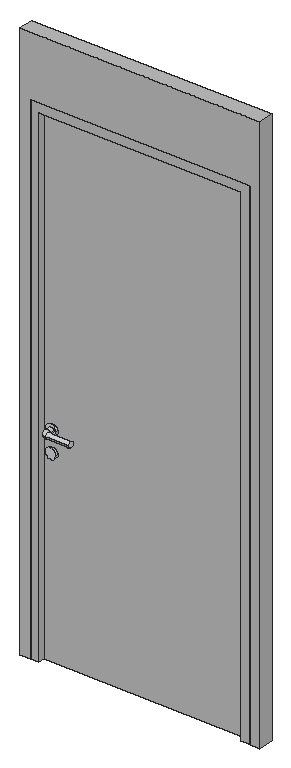
Revit family "BRU_Дверь_Однопольная_Стальная_Кв", category Двери, Revit 2021
Family settings
  Основа = Стена
  Номер OmniClass = 23.30.10.00
  Заголовок OmniClass = Doors
  Всегда вертикально = Да
  При загрузке вырезать с полостями = Нет
  Общий = Нет
  Точка принадлежности помещению = Нет
Parameters (values of type "ДСВ-О-Н 1050х2400(h) Л")
  Четверть сверху.Размер [instance] = 30 mm
  Четверть (есть/нет) [instance] = no
  Четверть сверху [instance] = if([Четверть (есть/нет)], Четверть сверху.Размер, 0 mm)  # 0 mm
  Четверть сбоку [instance] = if([Четверть (есть/нет)], Четверти сбоку.Размер, 0 mm)  # 0 mm
  Четверти сбоку.Размер [instance] = 30 mm
  Угол в плане 30 [instance] = yes
  Тип полотна двери = Полотно : Глухое
  Ручка двери = none
  Рама двери.Ширина справа = 80 mm
  Рама двери.Ширина слева = 80 mm
  Рама двери.Ширина внизу = 80 mm
  Рама двери.Ширина вверху = 80 mm
  Полотно двери. Высота = Height - Коробка.Ширина  # 2370 mm
  Площадь [instance] = Rough Width * Rough Height  # 3.24875 m²
  Откосы.Ширина [instance] = 530 mm
  Define Thermal Properties by = 1
  Fire Rating = ""
  О_Обозначение = ""
  О_Наименование = ""
  Монтажный зазор снизу.Толщина [instance] = 130 mm
  Монтажный зазор сверху.Толщина = 295 mm
  Коробка.Ширина = 30 mm
  Коробка.Толщина = 70 mm
  Правая = no
  Полотно.Толщина = 40 mm
  Полотно двери = none
  Остекление двери = none
  Наличник.Ширина [instance] = 60 mm
  Наличник.Толщина [instance] = 10 mm
  Наличник снаружи (есть/нет) [instance] = no
  Наличник внутри (есть/нет) [instance] = no
  Монтажный зазор сбоку.Толщина = 50 mm
  Type Comments = ""
  Глубина выреза проема наружу [instance] = 200 mm
  Глубина выреза проема внутрь [instance] = 200 mm
  Глубина вставки двери [instance] = 0 mm
  Левая = not(Правая)  # yes
  Защитное ограждение (есть/нет) = no
  Огибание наружных слоев [instance] = 0 mm
  Width = 1050 mm
  Rough Width [instance] = Width + Монтажный зазор сбоку.Толщина * 2  # 1150 mm
  Rough Height [instance] = Height + Монтажный зазор сверху.Толщина + Монтажный зазор снизу.Толщина  # 2825 mm
  Группа модели = "Дверь глухая без порога"
  Manufacturer = ""
  Wall Closure = (empty or 0)
  Height = 2400 mm
  Description = ""
  Тип конструкций = "Дверь стальная"
  Аналитическая конструкция = "<Нет>"
  BRU_ДверьТип = "BRU_Дверь_Однопольная_Стальная_КвартирнаяВходная"
  ADSK_Этаж [instance] = ""
  ADSK_Толщина стены [instance] = 0 mm
  ADSK_Примечание [instance] = ""
  ADSK_Предел огнестойкости = "-"
  ADSK_Позиция [instance] = ""
  ADSK_Открывание = if(Правая, "Правая", "Левая")  # "Левая"
  ADSK_Обозначение = "ГОСТ 6629-88"  # constant formula
  ADSK_Наименование краткое = ""
  ADSK_Наименование = "ДСВ-О-Н 1050х2400(h)"
  ADSK_Масса_Текст = ""
  ADSK_Количество [instance] = 0
  ADSK_Код изделия = ""
  ADSK_Зона [instance] = ""
  ADSK_Завод-изготовитель = ""
  ADSK_Единица измерения = ""
  ADSK_Группирование [instance] = ""
  ADSK_URL страницы изделия = ""
  ADSK_URL документации изделия = ""
Types (2, lengths in mm): name | Площадь | Правая | Монтажный зазор сбоку.Толщина | Левая | Rough Width | ADSK_Открывание
  ДСВ-О-Н 1050х2400(h) Л | 3.24875 m² | no | 50 | yes | 1150 | "Левая"
  ДСВ-О-Н 1050х2400(h) Пр | 3.30525 m² | yes | 60 | no | 1170 | "Правая"
Reference planes
  plane 1: y = 0
  plane 2 "По центру (Влево/Вправо)": x = 0
  plane 3 "Слева": x = -575
  plane 4 "Справа": x = 575
  plane 5: z = 2825
  plane 6 "Наружный": y = 300
  plane 7 "Внутренние": y = -300
  plane 8 "Вставка двери": y = 300
  plane 9 "Четверть слева": x = -575
  plane 10 "Четверть справа": x = 575
  plane 11 "Четверть сверху": z = 2825
  plane 12 "Полотно двери": y = 260
  plane 13 "Рама внутри": y = 230
  plane 14 "Монтажный зазор слева": x = -525
  plane 15 "Монтажный зазор справа": x = 525
  plane 16 "Монтажный зазор сверху": z = 2530
  plane 17 "Глубина огибания наружного слоя": y = 300
  plane 18: y = 310
  plane 19: x = 565
  plane 20: y = -310
  plane 21: x = -565
  plane 22: y = 500
  plane 23: y = -500
  plane 24 "2": z = 130
Forms (mm)
  Extrusion 1, void
    sketch origin (0, 0, 0) x (1, 0, 0) y (0, 1, 0)
      loop
        line (575, 300) -> (-575, 300) -> (-575, -500) -> (575, -500) -> (575, 300)
    from 0 to 2825
  Extrusion 2, void
    sketch origin (0, 0, 0) x (1, 0, 0) y (0, 1, 0)
      loop
        line (575, 500) -> (-575, 500) -> (-575, 300) -> (575, 300) -> (575, 500)
    from 0 to 2825
  Sweep 3, solid, material <- "Полотно двери", visible <- "Наличник снаружи (есть/нет)", detail levels fine
    path origin (0, 300, 0) x (1, 0, 0) y (0, 0, 1)
      loop
        line (-575, 130) -> (-575, 2825) -> (575, 2825) -> (575, 130)
    profile origin (-575, 300, 1477.5) x (-1, 0, 0) y (0, -1, 0)
      loop
        line (-10, 0) -> (-10, -5)
        arc (-10, -5) -> (-8.536, -8.536) -> (-5, -10) r 5
        line (-5, -10) -> (45, -10)
        arc (45, -10) -> (48.536, -8.536) -> (50, -5) r 5
        line (50, -5) -> (50, 0) -> (-10, 0)
  Sweep 4, solid, material <- "Полотно двери", visible <- "Наличник внутри (есть/нет)", detail levels fine
    path origin (0, -300, 0) x (1, 0, 0) y (0, 0, 1)
      loop
        line (-575, 130) -> (-575, 2825) -> (575, 2825) -> (575, 130)
    profile origin (-575, -300, 1477.5) x (-1, 0, 0) y (0, -1, 0)
      loop
        line (-50, 0) -> (10, 0) -> (10, 5)
        arc (10, 5) -> (8.536, 8.536) -> (5, 10) r 5
        line (5, 10) -> (-45, 10)
        arc (-45, 10) -> (-48.536, 8.536) -> (-50, 5) r 5
        line (-50, 5) -> (-50, 0)
  Sweep 5, solid, material <- "Полотно двери"
    path origin (0, 300, 0) x (-1, 0, 0) y (0, 0, 1)
      loop
        line (525, 130) -> (525, 2530) -> (-525, 2530) -> (-525, 130)
    profile origin (525, 300, 1330) x (0, 1, 0) y (-1, 0, 0)
      loop
        line (0, 0) -> (0, 30) -> (-40, 30) -> (-40, 40) -> (-70, 40) -> (-70, 0) -> (0, 0)
  Sweep 6, solid, material <- "Полотно двери", visible <- "Наличник снаружи (есть/нет)", detail levels fine
    path origin (0, 300, 0) x (-1, 0, 0) y (0, 0, 1)
      loop
        line (575, 130) -> (575, 2825) -> (-575, 2825) -> (-575, 130)
    profile origin (575, 300, 1477.5) x (0, 1, 0) y (-1, 0, 0)
      loop
        line (5, 0) -> (5, 10) -> (0, 10) -> (0, 0) -> (5, 0)
  Extrusion 7, solid, material <- "Полотно двери"
    sketch origin (-2514.822, 300, 1200) x (-1, 0, 0) y (0, 0, 1)
      loop
        line (-3089.822, 1625) -> (-3089.822, -1070) -> (-3038.822, -1070) -> (-3038.822, 1329) -> (-1990.822, 1329) -> (-1990.822, -1070) -> (-1939.822, -1070) -> (-1939.822, 1625) -> (-3089.822, 1625)
    from 0 to -70
Cuts and joins
  joined: Sweep 3, Sweep 6
Lines and regions (mm)
  Masking region 1, detail levels fine
    outline origin (0, 0, 0) x (0, 1, 0) y (0, 0, 1)
      loop
        line (230, 2490) -> (260, 2490) -> (260, 2500) -> (300, 2500) -> (300, 2530) -> (230, 2530) -> (230, 2490)
  Masking region 2, detail levels fine
    outline origin (0, 0, 0) x (0, 1, 0) y (0, 0, 1)
      loop
        line (300, 130) -> (300, 2500) -> (260, 2500) -> (260, 130) -> (300, 130)
  Masking region 3, detail levels fine
    outline origin (0, 0, 0) x (0, 1, 0) y (0, 0, 1)
      loop
        line (230, 2490) -> (230, 130) -> (260, 130) -> (260, 2490) -> (230, 2490)
  Masking region 4, detail levels coarse+medium
    outline origin (0, 0, 0) x (0, 1, 0) y (0, 0, 1)
      loop
        line (300, 130) -> (300, 2825) -> (230, 2825) -> (230, 130) -> (300, 130)
Text (mm)
  text "Наружный" at (-2295.016, 1099.543, 0), in view "Опорный уровень "
  text "Наружный" at (0, 1615.38, 3698.081), in view "Слева"
  text "Наружный" at (0, 1036.032, 3874.932), in view "Справа"
Dimensions and locks
  equal spacing: plane 14 "Монтажный зазор слева", plane 2 "По центру (Влево/Вправо)", plane 15 "Монтажный зазор справа"
  "Width": plane 14 "Монтажный зазор слева" to plane 15 "Монтажный зазор справа"
  "Height": plane 16 "Монтажный зазор сверху" to plane 24 "2"
  host wall to plane 5 = 2825 mm  (x2)
  locked: plane 6 "Наружный" to host wall
  locked: plane 7 "Внутренние" to host wall
  "Четверть сбоку": plane 3 "Слева" to plane 9 "Четверть слева"
  "Четверть сбоку": plane 10 "Четверть справа" to plane 4 "Справа"
  "Глубина вставки двери": plane 6 "Наружный" to plane 8 "Вставка двери"
  "Наличник.Ширина": Sweep 3 sketch curve to plane 21
  "Коробка.Толщина": plane 8 "Вставка двери" to plane 13 "Рама внутри"
  "Полотно.Толщина": plane 8 "Вставка двери" to plane 12 "Полотно двери"
  "Огибание наружных слоев": plane 6 "Наружный" to plane 17 "Глубина огибания наружного слоя"
  "Наличник.Ширина": Sweep 4 sketch curve to Sweep 4 sketch curve
  locked: Sweep 4 sketch curve to Sweep 4 sketch curve at 5  (x4)
  locked: Sweep 3 sketch curve to Sweep 3 sketch curve at 5
  "Коробка.Ширина": Sweep 5 sketch curve to profile plane
  locked: Sweep 5 sketch curve to Sweep 5 sketch curve at 10
  "Наличник.Толщина": plane 7 "Внутренние" to plane 20
  "Наличник.Толщина": plane 18 to plane 6 "Наружный"
  "Наличник.Толщина": plane 9 "Четверть слева" to plane 21
  "Наличник.Толщина": plane 19 to plane 10 "Четверть справа"
  locked: plane 18 to Sweep 3 sketch curve at 5  (x2)
  locked: Sweep 3 sketch curve to plane 21 at 5
  locked: plane 18 to Sweep 6 sketch curve at 5
  "Откосы.Ширина": plane 7 "Внутренние" to plane 13 "Рама внутри"
  equal spacing: plane 3 "Слева", plane 2 "По центру (Влево/Вправо)", plane 4 "Справа"
  "Rough Width": plane 3 "Слева" to plane 4 "Справа"
  "Глубина выреза проема внутрь": plane 23 to plane 7 "Внутренние"
  "Глубина выреза проема наружу": plane 6 "Наружный" to plane 22
  locked: Extrusion 7 sketch curve to plane 15 "Монтажный зазор справа" at 1
  locked: Extrusion 7 sketch curve to plane 16 "Монтажный зазор сверху" at 1
  locked: plane 14 "Монтажный зазор слева" to Extrusion 7 sketch curve at 1
  "Монтажный зазор снизу.Толщина": level to plane 24 "2"
  "Монтажный зазор сверху.Толщина": plane 5 to plane 16 "Монтажный зазор сверху"
  "Четверть сверху": plane 5 to plane 11 "Четверть сверху"
  aligned and locked: plane 1 to host wall
  aligned and locked: plane 8 "Вставка двери" to Extrusion 1 sketch curve
  aligned and locked: plane 3 "Слева" to Extrusion 1 sketch curve
  aligned and locked: Extrusion 1 sketch curve to plane 4 "Справа"
  aligned and locked: Extrusion 1 to level
  aligned and locked: Extrusion 1 to plane 5
  aligned and locked: Extrusion 2 sketch curve to plane 8 "Вставка двери"
  aligned and locked: plane 10 "Четверть справа" to Extrusion 2 sketch curve
  aligned and locked: Extrusion 2 sketch curve to plane 9 "Четверть слева"
  aligned and locked: Extrusion 2 to level
  aligned and locked: plane 11 "Четверть сверху" to Extrusion 2
  aligned and locked: plane 9 "Четверть слева" to Sweep 3 sketch curve
  aligned and locked: plane 11 "Четверть сверху" to Sweep 3 sketch curve
  aligned and locked: plane 10 "Четверть справа" to Sweep 3 sketch curve
  aligned and locked: Sweep 4 sketch curve to plane 3 "Слева"
  aligned and locked: Sweep 4 sketch curve to plane 5
  aligned and locked: Sweep 4 sketch curve to plane 4 "Справа"
  aligned and locked: Sweep 4 sketch curve to plane 7 "Внутренние"
  aligned and locked: Sweep 5 sketch curve to plane 15 "Монтажный зазор справа"
  aligned and locked: Sweep 5 sketch curve to plane 16 "Монтажный зазор сверху"
  aligned and locked: Sweep 5 sketch curve to plane 14 "Монтажный зазор слева"
  aligned and locked: profile plane to Sweep 5 sketch curve
  aligned and locked: plane 13 "Рама внутри" to Sweep 5 sketch curve
  aligned and locked: plane 8 "Вставка двери" to Sweep 5 sketch curve
  aligned and locked: plane 12 "Полотно двери" to Sweep 5 sketch curve
  aligned and locked: plane 12 "Полотно двери" to nested 1
  aligned and locked: nested 1 to plane 8 "Вставка двери"
  aligned and locked: Sweep 5 to nested 1
  aligned and locked: nested 1 to Sweep 5  (x2)
  aligned and locked: plane 2 "По центру (Влево/Вправо)" to nested 2
  aligned and locked: nested 2 to plane 8 "Вставка двери"
  aligned and locked: plane 12 "Полотно двери" to nested 2
  aligned and locked: plane 13 "Рама внутри" to nested 2
  aligned and locked: plane 2 "По центру (Влево/Вправо)" to nested 3
  aligned and locked: plane 8 "Вставка двери" to nested 3
  aligned and locked: nested 3 to plane 12 "Полотно двери"
  aligned and locked: nested 3 to plane 13 "Рама внутри"
  aligned and locked: Sweep 4 sketch curve to plane 14 "Монтажный зазор слева"
  aligned and locked: profile plane to Sweep 3 sketch curve
  aligned and locked: Sweep 6 sketch curve to plane 11 "Четверть сверху"
  aligned and locked: plane 10 "Четверть справа" to Sweep 6 sketch curve  (x2)
  aligned and locked: plane 9 "Четверть слева" to Sweep 6 sketch curve
  aligned and locked: plane 8 "Вставка двери" to Sweep 6 sketch curve
  aligned and locked: plane 20 to Sweep 4 sketch curve
  aligned and locked: plane 18 to Sweep 3 sketch curve
  aligned and locked: Sweep 6 sketch curve to plane 19
  aligned and locked: Masking region 1 sketch curve to Sweep 5  (x2)
  aligned and locked: plane 12 "Полотно двери" to Masking region 1 sketch curve
  aligned and locked: plane 13 "Рама внутри" to Masking region 1 sketch curve
  aligned and locked: plane 8 "Вставка двери" to Masking region 1 sketch curve
  aligned and locked: plane 16 "Монтажный зазор сверху" to Masking region 1 sketch curve
  aligned and locked: plane 8 "Вставка двери" to Masking region 2 sketch curve
  aligned and locked: plane 12 "Полотно двери" to Masking region 2 sketch curve
  aligned and locked: Masking region 2 sketch curve to Sweep 5
  aligned and locked: Masking region 3 sketch curve to Sweep 5
  aligned and locked: plane 13 "Рама внутри" to Masking region 3 sketch curve
  aligned and locked: plane 12 "Полотно двери" to Masking region 3 sketch curve
  aligned and locked: plane 8 "Вставка двери" to Masking region 4 sketch curve
  aligned and locked: plane 13 "Рама внутри" to Masking region 4 sketch curve
  aligned and locked: plane 5 to Masking region 4 sketch curve
  aligned and locked: Extrusion 7 sketch curve to plane 4 "Справа"
  aligned and locked: Extrusion 7 sketch curve to plane 3 "Слева"
  aligned and locked: Extrusion 7 sketch curve to plane 5
  aligned and locked: Extrusion 7 to plane 13 "Рама внутри"
  aligned and locked: plane 8 "Вставка двери" to Extrusion 7
  aligned and locked: plane 22 to Extrusion 2 sketch curve
  aligned and locked: Extrusion 1 sketch curve to plane 23
  aligned and locked: plane 24 "2" to Sweep 5 sketch curve  (x2)
  aligned and locked: plane 24 "2" to Sweep 3 sketch curve  (x2)
  aligned and locked: plane 24 "2" to Sweep 6 sketch curve  (x2)
  aligned and locked: plane 24 "2" to Sweep 4 sketch curve  (x2)
  aligned and locked: Extrusion 7 sketch curve to plane 24 "2"
  aligned and locked: plane 24 "2" to Extrusion 7 sketch curve
  aligned and locked: Masking region 4 sketch curve to plane 24 "2"
  aligned and locked: Masking region 3 sketch curve to plane 24 "2"
  aligned and locked: Masking region 2 sketch curve to plane 24 "2"
Nested families
  nested 1: "Полотно" at (0, 300, 130), type <- "Тип полотна двери", Полотно двери.Высота <- "Полотно двери. Высота", type "Глухое"
    with Полотно двери.Ширина 990 mm, Полотно двери.Толщина 40 mm, Полотно двери.Высота 2370 mm, Правая no, Левая yes
  nested 2: "Обозначение на плане" at (0, 300, 0), Ширина двери <- "Rough Width", visible <- "Правая", Монтажный зазор <- "Монтажный зазор сбоку.Толщина", Ширина коробки <- "Коробка.Ширина", Толщина полотна двери <- "Полотно.Толщина", Толщина коробки <- "Коробка.Толщина", type "По-умолчанию"
    with Ширина полотна двери 990 mm, Ширина коробки 30 mm, Ширина двери 1150 mm, Толщина полотна двери 40 mm, Толщина коробки 70 mm, Монтажный зазор 50 mm
  nested 3: "Обозначение на плане" at (0, 300, 0) x (-1, 0, 0) z (0, 0, 1), Ширина двери <- "Rough Width", visible <- "Левая", Монтажный зазор <- "Монтажный зазор сбоку.Толщина", Ширина коробки <- "Коробка.Ширина", Толщина полотна двери <- "Полотно.Толщина", Толщина коробки <- "Коробка.Толщина", type "По-умолчанию"
    with Ширина полотна двери 990 mm, Ширина коробки 30 mm, Ширина двери 1150 mm, Толщина полотна двери 40 mm, Толщина коробки 70 mm, Монтажный зазор 50 mm
Definition of nested family "Полотно"
  Parameters (values of type "Глухое")
    Ручка.Отступ от края = 50 mm
    Ручка.Высота расположения = 1000 mm
    Ручка двери = none
    Рама справа.Ширина = 150 mm
    Рама слева.Ширина = 150 mm
    Рама внизу.Ширина = 600 mm
    Рама вверху.Ширина = 150 mm
    Правая = yes
    Полотно остекленное = no
    Полотно двери.Ширина [instance] = 1000 mm
    Полотно двери.Толщина [instance] = 40 mm
    Полотно двери.Высота [instance] = 2100 mm
    Полотно двери = none
    Полотно глухое = yes
    Остекление двери = none
    Левая = not(Правая)  # no
    Защитные ограждения = no
    Analytic Construction = "<Нет>"
  Types (2, lengths in mm): name | Рама справа.Ширина | Рама слева.Ширина | Рама внизу.Ширина | Рама вверху.Ширина | Полотно остекленное | Полотно глухое
    Глухое | 150 | 150 | 600 | 150 | no | yes
    Остекленное | 80 | 80 | 80 | 80 | yes | no
  Reference planes
    plane 1 "Center (Front/Back)": y = 0
    plane 2: z = 0
    plane 3 "Center (Left/Right)": x = 0
    plane 4: x = -500
    plane 5: x = 500
    plane 6 "Back": y = -40
    plane 7: z = 2100
    plane 8 "Высота расположения ручки": z = 1000
    plane 9 "Отступ ручки справа": x = 450
    plane 10 "Отступ ручки слева": x = -450
    plane 11 "Остекление снаружи": y = -8
    plane 12 "Остекление внутри": y = -32
    plane 13 "Ширина рамы справа": x = -350
    plane 14 "Ширина рамы слева": x = 350
    plane 15 "Ширина рамы внизу": z = 600
    plane 16 "Ширина рамы вверху": z = 1950
    plane 17: z = 950
    plane 18: z = 800
    plane 19: z = 650
    plane 20: z = 1050
  Forms (mm)
    Extrusion 1, solid, material <- "Полотно двери", visible <- "Полотно глухое"
      sketch origin (0, 0, 0) x (1, 0, 0) y (0, 0, 1)
        loop
          line (-500, 2100) -> (-500, 0) -> (500, 0) -> (500, 2100) -> (-500, 2100)
      from 0 to 40 <- "Полотно двери.Толщина"
    Extrusion 2, solid, material <- "Полотно двери", visible <- "Полотно остекленное"
      sketch origin (0, 0, 0) x (1, 0, 0) y (0, 0, 1)
        loop
          line (-500, 2100) -> (-500, 0) -> (500, 0) -> (500, 2100) -> (-500, 2100)
        loop
          line (-350, 600) -> (350, 600) -> (350, 1950) -> (-350, 1950) -> (-350, 600)
      from 0 to 40
    Extrusion 3, solid, material <- "Остекление двери", visible <- "Полотно остекленное"
      sketch origin (-646.608, -8, 1200) x (-1, 0, 0) y (0, 0, 1)
        loop
          line (-296.608, 750) -> (-996.608, 750) -> (-996.608, -600) -> (-296.608, -600) -> (-296.608, 750)
      from 0 to -24
    Sweep 4, solid, material <- "Ручка двери", visible <- "Защитные ограждения", detail levels medium+fine
      path origin (-858.179, -1524, 950) x (-1, 0, 0) y (0, -1, 0)
        loop
          arc (-478.179, -1469) -> (-482.572, -1458.393) -> (-493.179, -1454) r 15
          line (-493.179, -1454) -> (-1223.179, -1454)
          arc (-1223.179, -1454) -> (-1233.785, -1458.393) -> (-1238.179, -1469) r 15
          line (-1238.179, -1469) -> (-1238.179, -1539)
          arc (-1238.179, -1539) -> (-1233.785, -1549.607) -> (-1223.179, -1554) r 15
          line (-1223.179, -1554) -> (-493.179, -1554)
          arc (-493.179, -1554) -> (-482.572, -1549.607) -> (-478.179, -1539) r 15
          line (-478.179, -1539) -> (-478.179, -1469)
      profile origin (-380, -20, 950) x (-1, 0, 0) y (0, 0, 1)
        loop
          circle (0, 0) r 10
    Sweep 5, solid, material <- "Ручка двери", visible <- "Защитные ограждения", detail levels medium+fine
      path origin (-858.179, -1524, 800) x (-1, 0, 0) y (0, -1, 0)
        loop
          arc (-478.179, -1469) -> (-482.572, -1458.393) -> (-493.179, -1454) r 15
          line (-493.179, -1454) -> (-1223.179, -1454)
          arc (-1223.179, -1454) -> (-1233.785, -1458.393) -> (-1238.179, -1469) r 15
          line (-1238.179, -1469) -> (-1238.179, -1539)
          arc (-1238.179, -1539) -> (-1233.785, -1549.607) -> (-1223.179, -1554) r 15
          line (-1223.179, -1554) -> (-493.179, -1554)
          arc (-493.179, -1554) -> (-482.572, -1549.607) -> (-478.179, -1539) r 15
          line (-478.179, -1539) -> (-478.179, -1469)
      profile origin (-380, -20, 800) x (-1, 0, 0) y (0, 0, 1)
        loop
          circle (0, 0) r 10
    Sweep 6, solid, material <- "Ручка двери", visible <- "Защитные ограждения", detail levels medium+fine
      path origin (-858.179, -1524, 650) x (-1, 0, 0) y (0, -1, 0)
        loop
          arc (-478.179, -1469) -> (-482.572, -1458.393) -> (-493.179, -1454) r 15
          line (-493.179, -1454) -> (-1223.179, -1454)
          arc (-1223.179, -1454) -> (-1233.785, -1458.393) -> (-1238.179, -1469) r 15
          line (-1238.179, -1469) -> (-1238.179, -1539)
          arc (-1238.179, -1539) -> (-1233.785, -1549.607) -> (-1223.179, -1554) r 15
          line (-1223.179, -1554) -> (-493.179, -1554)
          arc (-493.179, -1554) -> (-482.572, -1549.607) -> (-478.179, -1539) r 15
          line (-478.179, -1539) -> (-478.179, -1469)
      profile origin (-380, -20, 650) x (-1, 0, 0) y (0, 0, 1)
        loop
          circle (0, 0) r 10
  Lines and regions (mm)
    symbolic lines, visible <- "Правая", detail levels medium
      curve 1: line (-500, 0, 0) -> (500, 0, 1050)
      curve 2: line (500, 0, 1050) -> (-500, 0, 2100)
    symbolic lines, visible <- "Левая", detail levels medium
      curve 3: line (500, 0, 0) -> (-500, 0, 1050)
      curve 4: line (-500, 0, 1050) -> (500, 0, 2100)
  Dimensions and locks
    "Полотно двери.Толщина": plane 1 "Center (Front/Back)" to plane 6 "Back"
    equal spacing: plane 4, plane 3 "Center (Left/Right)", plane 5
    "Полотно двери.Ширина": plane 4 to plane 5
    "Полотно двери.Высота": plane 7 to plane 2
    "Ручка.Высота расположения": plane 8 "Высота расположения ручки" to level
    "Ручка.Отступ от края": plane 5 to plane 9 "Отступ ручки справа"
    "Ручка.Отступ от края": plane 10 "Отступ ручки слева" to plane 4
    locked: plane 12 "Остекление внутри" to plane 6 "Back" at 8
    locked: plane 1 "Center (Front/Back)" to plane 11 "Остекление снаружи" at 8
    "Рама вверху.Ширина": plane 7 to plane 16 "Ширина рамы вверху"
    "Рама внизу.Ширина": plane 15 "Ширина рамы внизу" to plane 2
    "Рама справа.Ширина": plane 5 to plane 14 "Ширина рамы слева"
    "Рама слева.Ширина": plane 13 "Ширина рамы справа" to plane 4
    locked: plane 17 to plane 2 at 950
    plane 17 to plane 18 to plane 19 = 150 mm locked, 150 mm locked
    locked: plane 1 "Center (Front/Back)" to Sweep 4 sketch curve at 30
    locked: Sweep 4 sketch curve to profile plane at 0
    locked: profile plane to Sweep 4 sketch curve at 0
    locked: Sweep 4 sketch curve to plane 6 "Back" at 30
    locked: Sweep 5 sketch curve to profile plane at 0
    locked: profile plane to Sweep 5 sketch curve at 0
    locked: Sweep 5 sketch curve to plane 6 "Back" at 30
    locked: plane 1 "Center (Front/Back)" to Sweep 5 sketch curve at 30
    locked: Sweep 6 sketch curve to profile plane at 0
    locked: profile plane to Sweep 6 sketch curve at 0
    locked: Sweep 6 sketch curve to plane 6 "Back" at 30
    locked: plane 1 "Center (Front/Back)" to Sweep 6 sketch curve at 30
    equal spacing: plane 7, plane 20, plane 2
    locked: Sweep 4 sketch curve to plane 13 "Ширина рамы справа" at 30
    locked: plane 14 "Ширина рамы слева" to Sweep 4 sketch curve at 30
    locked: plane 14 "Ширина рамы слева" to Sweep 5 sketch curve at 30
    locked: Sweep 5 sketch curve to plane 13 "Ширина рамы справа" at 30
    locked: Sweep 6 sketch curve to plane 13 "Ширина рамы справа" at 30
    locked: plane 14 "Ширина рамы слева" to Sweep 6 sketch curve at 30
    locked: Sweep 4 sketch curve to Sweep 4 sketch curve at 15  (x8)
    locked: Sweep 5 sketch curve to Sweep 5 sketch curve at 15  (x8)
    locked: Sweep 6 sketch curve to Sweep 6 sketch curve at 15  (x8)
    aligned and locked: level to plane 2
    aligned and locked: Extrusion 1 sketch curve to plane 7
    aligned and locked: plane 4 to Extrusion 1 sketch curve
    aligned and locked: plane 2 to Extrusion 1 sketch curve
    aligned and locked: Extrusion 1 sketch curve to plane 5
    aligned and locked: Extrusion 1 to plane 1 "Center (Front/Back)"
    aligned and locked: Extrusion 1 to plane 6 "Back"
    aligned and locked: nested 1 to plane 10 "Отступ ручки слева"
    aligned and locked: plane 1 "Center (Front/Back)" to nested 1
    aligned and locked: plane 6 "Back" to nested 1
    aligned and locked: plane 8 "Высота расположения ручки" to nested 1
    aligned and locked: nested 2 to plane 1 "Center (Front/Back)"
    aligned and locked: nested 2 to plane 6 "Back"
    aligned and locked: nested 2 to plane 9 "Отступ ручки справа"
    aligned and locked: nested 2 to plane 8 "Высота расположения ручки"
    aligned and locked: Extrusion 2 sketch curve to plane 4
    aligned and locked: Extrusion 2 sketch curve to plane 5
    aligned and locked: Extrusion 2 sketch curve to plane 7
    aligned and locked: Extrusion 2 sketch curve to plane 2
    aligned and locked: Extrusion 2 sketch curve to plane 15 "Ширина рамы внизу"
    aligned and locked: Extrusion 2 sketch curve to plane 13 "Ширина рамы справа"
    aligned and locked: Extrusion 2 sketch curve to plane 14 "Ширина рамы слева"
    aligned and locked: Extrusion 2 sketch curve to plane 16 "Ширина рамы вверху"
    aligned and locked: Extrusion 2 to plane 1 "Center (Front/Back)"
    aligned and locked: Extrusion 2 to plane 6 "Back"
    aligned and locked: plane 13 "Ширина рамы справа" to Extrusion 3 sketch curve
    aligned and locked: plane 14 "Ширина рамы слева" to Extrusion 3 sketch curve
    aligned and locked: plane 16 "Ширина рамы вверху" to Extrusion 3 sketch curve
    aligned and locked: plane 15 "Ширина рамы внизу" to Extrusion 3 sketch curve
    aligned and locked: Extrusion 3 to plane 11 "Остекление снаружи"
    aligned and locked: Extrusion 3 to plane 12 "Остекление внутри"
    aligned and locked: plane 4 to curve 1
    aligned and locked: plane 2 to curve 1
    aligned and locked: plane 5 to curve 2
    aligned and locked: plane 20 to curve 1
    aligned and locked: plane 7 to Extrusion 2
    aligned and locked: plane 4 to Extrusion 2
  Automatic sketch dimensions
    curve 3 to plane 4 = 0 mm
    curve 2 to plane 4 = 0 mm
    curve 3 to level = 0 mm
    curve 3 to plane 5 = 0 mm
    curve 4 to plane 5 = 0 mm
    curve 4 to plane 20 = 0 mm
    curve 4 to plane 7 = 0 mm
    curve 2 to plane 7 = 0 mm
    radius of Sweep 4 sketch curve = 10 mm
    radius of Sweep 5 sketch curve = 10 mm
    radius of Sweep 6 sketch curve = 10 mm
  Nested families
    nested 1: "Дверная ручка" at (-450, 0, 1000), visible <- "Левая", Полотно двери.Толщина <- "Полотно двери.Толщина", type "Дверная ручка", detail levels fine
      with Полотно двери.Толщина 40 mm
    nested 2: "Дверная ручка" at (450, 0, 1000) x (-1, 0, 0) z (0, 0, 1), visible <- "Правая", Полотно двери.Толщина <- "Полотно двери.Толщина", type "Дверная ручка", detail levels fine
      with Полотно двери.Толщина 40 mm
  Definition of nested family "Дверная ручка"
    Parameters (values of type "Дверная ручка")
      Полотно двери.Толщина [instance] = 40 mm
      Дверная ручка = none
      Analytic Construction = "<Нет>"
    Reference planes
      plane 1 "Center (Front/Back)": y = 0
      plane 2: z = 0
      plane 3 "Center (Left/Right)": x = 0
      plane 4: y = -40
      plane 5: z = -100
    Forms (mm)
      Sweep 1, solid, material <- "Дверная ручка", detail levels medium+fine
        path origin (0, 0, 0) x (1, 0, 0) y (0, 1, 0)
          loop
            line (130, 50) -> (20, 50)
            arc (20, 50) -> (5.858, 44.142) -> (0, 30) r 20
            line (0, 30) -> (0, -70)
            arc (0, -70) -> (5.858, -84.142) -> (20, -90) r 20
            line (20, -90) -> (130, -90)
        profile origin (0, -20, 0) x (1, 0, 0) y (0, 0, 1)
          loop
            circle (0, 0) r 12
      Extrusion 2, solid, material <- "Дверная ручка", detail levels medium+fine
        sketch origin (-2000, -40, 1200) x (-1, 0, 0) y (0, 0, 1)
          loop
            circle (-2000, -1200) r 25
        from 48 to -8
      Extrusion 3, solid, material <- "Дверная ручка", detail levels medium+fine
        sketch origin (-2000, -40, 1100) x (-1, 0, 0) y (0, 0, 1)
          loop
            circle (-2000, -1200) r 25
        from 48 to -8
    Cuts and joins
      joined: Sweep 1, Extrusion 2
    Dimensions and locks
      "Полотно двери.Толщина": plane 1 "Center (Front/Back)" to plane 4
      locked: Sweep 1 sketch curve to plane 4 at 50
      locked: plane 1 "Center (Front/Back)" to Sweep 1 sketch curve at 50
      locked: plane 4 to Sweep 1 sketch curve at 30
      locked: plane 1 "Center (Front/Back)" to Sweep 1 sketch curve at 30
      locked: plane 3 "Center (Left/Right)" to Sweep 1 sketch curve at 20  (x2)
      locked: plane 4 to Extrusion 2 at 8
      locked: Extrusion 3 sketch curve to plane 5 at 0
      locked: plane 3 "Center (Left/Right)" to Extrusion 3 sketch curve at 0
      locked: plane 1 "Center (Front/Back)" to cut or joined group of Sweep 1, Extrusion 2 at 8
      locked: Extrusion 3 to plane 1 "Center (Front/Back)" at 8
      aligned and locked: level to plane 2
      aligned and locked: Sweep 1 sketch curve to plane 3 "Center (Left/Right)"
    Automatic sketch dimensions
      Sweep 1 sketch curve to Sweep 1 sketch curve = 110 mm  (x2)
      Sweep 1 sketch curve to level = 0 mm
      profile plane to Sweep 1 sketch curve = 0 mm
      Extrusion 2 sketch curve to level = 0 mm
      Extrusion 2 sketch curve to plane 3 "Center (Left/Right)" = 0 mm
      radius of Sweep 1 sketch curve = 12 mm
      radius of Extrusion 2 sketch curve = 25 mm
      radius of Extrusion 3 sketch curve = 25 mm
Definition of nested family "Обозначение на плане"
  Parameters (values of type "По-умолчанию")
    Ширина полотна двери [instance] = Ширина двери - 60 mm - Монтажный зазор * 2  # 600 mm
    Ширина коробки [instance] = 30 mm
    Ширина двери [instance] = 700 mm
    Толщина полотна двери [instance] = 40 mm
    Толщина коробки [instance] = 80 mm
    Открывание двери.30° = yes
    Открывание двери.90° = not(Открывание двери.30°)  # no
    Монтажный зазор [instance] = 20 mm
    Линия открывания.Дуга = not(Открывание двери.30°)  # no
  Reference planes
    plane 1 "Center (Front/Back)": y = 0
    plane 2: z = 0
    plane 3 "Center (Left/Right)": x = 0
    plane 4: x = -350
    plane 5: x = 350
    plane 6 "Толщина коробки": y = -80
    plane 7 "Толщина полотна": y = -40
    plane 8: x = -330
    plane 9: x = 330
    plane 10: x = -300
    plane 11: x = 300
  Lines and regions (mm)
    Masking region 1, in view "Ref. Level", visible <- "Открывание двери.30°", detail levels fine
      outline origin (0, 0, 0) x (1, 0, 0) y (0, 1, 0)
        loop
          line (-300, 0) -> (-280, -34.641) -> (239.615, 265.359) -> (219.615, 300) -> (-300, 0)
    Masking region 2, in view "Ref. Level", visible <- "Открывание двери.90°", detail levels fine
      outline origin (0, 140, 0) x (1, 0, 0) y (0, 1, 0)
        loop
          line (-300, -140) -> (-260, -140) -> (-260, 460) -> (-300, 460) -> (-300, -140)
    Masking region 3, in view "Ref. Level", detail levels fine
      outline origin (0, 0, 0) x (1, 0, 0) y (0, 1, 0)
        loop
          line (-330, 0) -> (-350, 0) -> (-350, -80) -> (-330, -80) -> (-330, 0)
    Masking region 4, in view "Ref. Level", detail levels fine
      outline origin (0, 0, 0) x (1, 0, 0) y (0, 1, 0)
        loop
          line (-330, 0) -> (-330, -80) -> (-290, -80) -> (-290, -40) -> (-300, -40) -> (-300, 0) -> (-330, 0)
    Masking region 5, in view "Ref. Level", detail levels fine
      outline origin (0, 0, 0) x (1, 0, 0) y (0, 1, 0)
        loop
          line (330, 0) -> (330, -80) -> (350, -80) -> (350, 0) -> (330, 0)
    Masking region 6, in view "Ref. Level", detail levels fine
      outline origin (0, 0, 0) x (1, 0, 0) y (0, 1, 0)
        loop
          line (330, 0) -> (300, 0) -> (300, -40) -> (290, -40) -> (290, -80) -> (330, -80) -> (330, 0)
    Masking region 7, in view "Ref. Level", visible <- "Открывание двери.30°", detail levels fine
      outline origin (0, 140, 0) x (1, 0, 0) y (0, 1, 0)
        loop
          line (-300, -140) -> (-260, -140) -> (-260, 460) -> (-300, 460) -> (-300, -140)
    detail lines, in view "Ref. Level", visible <- "Открывание двери.90°", detail levels coarse+medium
      curve 1: line (-350, 0, 0) -> (-350, 700, 0)
    detail lines, in view "Ref. Level", visible <- "Линия открывания.Дуга", detail levels coarse+medium
      curve 2: arc (350, 0, 0) -> (144.975, 494.975, 0) -> (-350, 700, 0) r 700
    detail lines, in view "Ref. Level", visible <- "Открывание двери.30°", detail levels coarse+medium
      curve 3: line (-350, 0, 0) -> (256.218, 350, 0)
    detail lines, in view "Ref. Level", visible <- "Линия открывания.Дуга", detail levels fine
      curve 4: arc (300, 0, 0) -> (138.178, 409.878, 0) -> (-260, 598.665, 0) r 600
    detail lines, in view "Ref. Level", visible <- "Открывание двери.30°", detail levels fine
      curve 5: arc (300, 0, 0) -> (138.178, 409.878, 0) -> (-260, 598.665, 0) r 600
  Dimensions and locks
    equal spacing: plane 4, plane 3 "Center (Left/Right)", plane 5
    "Ширина двери": plane 4 to plane 5
    "Ширина двери": plane 1 "Center (Front/Back)" to curve 1
    "Ширина двери": curve 3 to curve 3
    "Толщина полотна двери": plane 1 "Center (Front/Back)" to plane 7 "Толщина полотна"
    "Толщина коробки": plane 1 "Center (Front/Back)" to plane 6 "Толщина коробки"
    "Монтажный зазор": plane 4 to plane 8
    "Монтажный зазор": plane 9 to plane 5
    "Ширина полотна двери": Masking region 1 sketch curve to Masking region 1 sketch curve
    "Ширина полотна двери": Masking region 2 sketch curve to Masking region 2 sketch curve
    "Толщина полотна двери": Masking region 2 sketch curve to Masking region 2 sketch curve
    "Ширина коробки": plane 8 to plane 10
    "Ширина коробки": plane 11 to plane 9
    locked: plane 10 to Masking region 4 sketch curve at 10
    locked: Masking region 6 sketch curve to plane 11 at 10
    "Ширина полотна двери": Masking region 7 sketch curve to Masking region 7 sketch curve
    "Толщина полотна двери": Masking region 7 sketch curve to Masking region 7 sketch curve
    "Ширина полотна двери": radius of curve 4
    "Ширина полотна двери": radius of curve 5
    locked: plane 1 "Center (Front/Back)" to curve 3 (angle 30.00°)
    locked: plane 1 "Center (Front/Back)" to Masking region 1 sketch curve (angle 30.00°)  (x2)
    aligned and locked: plane 1 "Center (Front/Back)" to curve 1
    aligned and locked: plane 1 "Center (Front/Back)" to curve 2
    aligned and locked: plane 4 to curve 3
    aligned and locked: plane 1 "Center (Front/Back)" to Masking region 1 sketch curve
    aligned and locked: Masking region 2 sketch curve to plane 1 "Center (Front/Back)"
    aligned and locked: Masking region 3 sketch curve to plane 8
    aligned and locked: Masking region 3 sketch curve to plane 4
    aligned and locked: Masking region 3 sketch curve to plane 6 "Толщина коробки"
    aligned and locked: Masking region 3 sketch curve to plane 1 "Center (Front/Back)"
    aligned and locked: Masking region 4 sketch curve to plane 8
    aligned and locked: Masking region 4 sketch curve to plane 10
    aligned and locked: Masking region 4 sketch curve to plane 6 "Толщина коробки"
    aligned and locked: Masking region 4 sketch curve to plane 7 "Толщина полотна"
    aligned and locked: Masking region 4 sketch curve to plane 1 "Center (Front/Back)"
    aligned and locked: plane 1 "Center (Front/Back)" to Masking region 5 sketch curve
    aligned and locked: plane 9 to Masking region 5 sketch curve
    aligned and locked: plane 6 "Толщина коробки" to Masking region 5 sketch curve
    aligned and locked: Masking region 5 sketch curve to plane 5
    aligned and locked: Masking region 6 sketch curve to plane 9
    aligned and locked: Masking region 6 sketch curve to plane 11
    aligned and locked: Masking region 6 sketch curve to plane 1 "Center (Front/Back)"
    aligned and locked: Masking region 6 sketch curve to plane 7 "Толщина полотна"
    aligned and locked: Masking region 6 sketch curve to plane 6 "Толщина коробки"
  Automatic sketch dimensions
    curve 4 to curve 5 = 0 mm  (x3)
    plane 1 "Center (Front/Back)" to curve 4 = 0 mm
    curve 4 to plane 10 = 0 mm
    plane 10 to curve 5 = 40 mm
    Masking region 1 sketch curve to plane 10 = 0 mm
    plane 7 "Толщина полотна" to Masking region 1 sketch curve = 5.359 mm
    Masking region 2 sketch curve to plane 10 = 0 mm
    Masking region 7 sketch curve to plane 10 = 0 mm
    plane 1 "Center (Front/Back)" to Masking region 7 sketch curve = 0 mm
